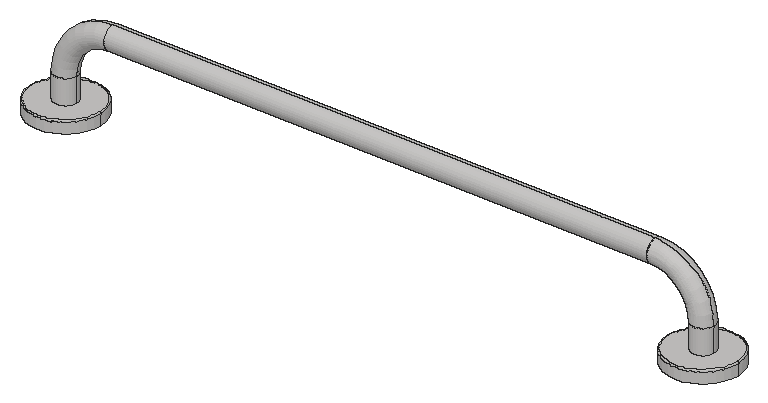
Revit family "PRD_FrankeWS_TwlRls_FIRMUSIndividualTowelRail_FIRX001HP", category Specialty Equipment, host Face, Revit 2018
Family settings
  Host = Face
  Round Connector Dimension = Use Diameter
  Part Type = Normal
  OmniClass Number = 23.40.20.21.27
  OmniClass Title = Towel Bars
  Cut with Voids When Loaded = No
  Shared = No
  Room Calculation Point = No
Parameters (values of type "FIRX001HP")
  WarrantyStartDate [instance] = "1900-12-31T23:59:59"
  WarrantyGuarantorParts = "n/a"
  WarrantyGuarantorLabor = "n/a"
  WarrantyDurationUnit = "year"
  WarrantyDurationParts = "n/a"
  WarrantyDurationLabor = "n/a"
  WarrantyDescription = "n/a"
  Version = "1"
  Uniclass2015Version = "Products v1.17"
  Uniclass2015Title = "Towel rails"
  Uniclass2015Code = "Pr_40_20_76_90"
  URL = "www.kwc.com"
  TypeOfMounting = "Wall mounting"
  TypeOfFixing = "Screw"
  TagNumber [instance] = "n/a"
  SustainabilityPerformance = "n/a"
  Style = "Rail"
  Size = "600 x 60 x 80 mm"
  Shape = "n/a"
  SerialNumber [instance] = "n/a"
  Revision = "n/a"
  ReplacementCost = "n/a"
  RailMaterial = PRD_AR_StainlessSteel_HighPolished
  ProductInformation = "https://pim.kwc.com/product/2000106265/attachment/datasheet?locale=en"
  NominalWidth = 600.00 mm
  NominalHeight = 60.00 mm
  NominalDepth = 80.00 mm
  NetWeight = 0.39 kg
  Name = "Individual Towel Rail FIRX001HP"
  NBSTypeID = "n/a"
  NBSReference = "45-35-72/372"
  NBSOfficeMasterTag = "n/a"
  NBSNote = "n/a"
  NBSDescription = "Towel rails"
  NBSCertification = "n/a"
  ModelReference = "FIRX001HP"
  ModelNumber = "2000106265"
  Model = ModelReference  # "FIRX001HP"
  MaterialCode = "1.4301"
  Material = "stainless steel"
  ManufacturerURL = "www.kwc.com"
  ManufacturerName = "KWC Group AG"  # constant formula
  Manufacturer = ManufacturerName  # "KWC Group AG"
  MainColor = "stainless steel"
  IsBuiltIn = "TRUE"
  IntegralAccessories = "incl. stainless steel screws and dowels"
  InstallationDate [instance] = "1900-12-31T23:59:59"
  IfcExportType = "USERDEFINED"
  IfcExportAs = "IfcFurnitureType"
  GrossWeight = 0.57 kg
  Grade = "n/a"
  Finish = "high polished"
  Features = "stainless steel, surface high polished"
  ExpectedLife = "n/a"
  DurationUnit = "year"
  Description = "Single towel rail for wall mounting, 304 stainless steel, round covers with drilled hole on bottom for fixation, inclusive stainless steel screws and dowels."
  Default Elevation = 1200.00 mm
  CreateOn = "05/2020"  # constant formula
  Constituents = "n/a"
  Color = "n/a"
  CodePerformance = "n/a"
  Category = "Pr_40_20_76_90, Towel rails"
  BarCode [instance] = "n/a"
  BIMObjectName = "PRD_AR_TowelRails_FIRMUSIndividualTowelRail_FIRX001HP"
  Author = "Archispace"  # constant formula
  AssetType = "Fixed"
  AssetIdentifier [instance] = "n/a"
  AccessibilityPerformance = "n/a"
Reference planes
  plane 1 "Center (Front/Back)": y = 0
  plane 2: z = 0
  plane 3 "Center (Left/Right)": x = 0
  plane 4: through (0, 126.53, 100.48) normal (0, -0.7071, 0.7071)
  plane 5: through (0, -10.935, 59.177) normal (0, -0.1736, 0.9848)
  plane 6: x = -300
  plane 7: x = 300
  plane 8: x = 270
  plane 9: x = -270
Forms (mm)
  Extrusion 1, solid, material "PRD_AR_StainlessSteel_HighPolished" <- "RailMaterial", detail levels fine
    sketch origin (0, 0, 0) x (1, 0, 0) y (0, 1, 0)
      loop
        circle (-270, 0) r 30
      loop
        circle (270, 0) r 30
    from 0 to 10
  Sweep 2, solid, material "PRD_AR_StainlessSteel_HighPolished" <- "RailMaterial", detail levels medium+fine
    path origin (0, 0, 0) x (1, 0, 0) y (0, 0, 1)
      loop
        line (-270, 10) -> (-270, 30.5)
        arc (-270, 30.5) -> (-258.284, 58.784) -> (-230, 70.5) r 40
        line (-230, 70.5) -> (230, 70.5)
        arc (230, 70.5) -> (258.284, 58.784) -> (270, 30.5) r 40
        line (270, 30.5) -> (270, 10)
    profile origin (-270, 0, 20.25) x (-1, 0, 0) y (0, -1, 0)
      loop
        circle (0, 0) r 9.5
  Extrusion 3, solid, material "PRD_AR_StainlessSteel_HighPolished" <- "RailMaterial", detail levels medium
    sketch origin (0, 0, 0) x (1, 0, 0) y (0, 1, 0)
      loop
        circle (-270, 0) r 30
      loop
        circle (270, 0) r 30
    from 0 to 10
  Sweep 4, void
    path in 3D
      loop
        arc (-240, 0, 10) -> (-270, -30, 10) -> (-300, 0, 10) r 30
        arc (-300, 0, 10) -> (-270, 30, 10) -> (-240, 0, 10) r 30
    profile origin (-270, 30, 10) x (0, 1, 0) y (0, 0, 1)
      loop
        line (0, 0) -> (-1, 0)
        arc (-1, 0) -> (-0.293, -0.293) -> (0, -1) r 1
        line (0, -1) -> (0, 0)
  Sweep 5, void
    path in 3D
      loop
        arc (240, 0, 10) -> (270, 30, 10) -> (300, 0, 10) r 30
        arc (300, 0, 10) -> (270, -30, 10) -> (240, 0, 10) r 30
    profile origin (270, -30, 10) x (0, -1, 0) y (0, 0, 1)
      loop
        line (0, 0) -> (-1, 0)
        arc (-1, 0) -> (-0.293, -0.293) -> (0, -1) r 1
        line (0, -1) -> (0, 0)
  Extrusion 6, solid, material "PRD_AR_StainlessSteel_HighPolished" <- "RailMaterial", detail levels coarse
    sketch origin (0, 0, 0) x (1, 0, 0) y (0, 1, 0)
      loop
        line (-300, 30) -> (-300, -30) -> (300, -30) -> (300, 30) -> (-300, 30)
    from 0 to 80
Cuts and joins
  Sweep 4, Sweep 5 cuts Extrusion 1
Lines and regions (mm)
  sketch lines
    curve 1: arc (-300, 0, 10) -> (-270, 30, 10) -> (-240, 0, 10) r 30
    curve 2: arc (-240, 0, 10) -> (-270, -30, 10) -> (-300, 0, 10) r 30
    curve 3: arc (300, 0, 10) -> (270, -30, 10) -> (240, 0, 10) r 30
    curve 4: arc (240, 0, 10) -> (270, 30, 10) -> (300, 0, 10) r 30
Dimensions and locks
  plane 6 to plane 3 "Center (Left/Right)" = 300.00 mm
  plane 3 "Center (Left/Right)" to plane 7 = 300.00 mm
  plane 9 to plane 3 "Center (Left/Right)" = 270.00 mm
  plane 3 "Center (Left/Right)" to plane 8 = 270.00 mm
  aligned and locked: plane 2 to host face
  aligned and locked: level to host face
